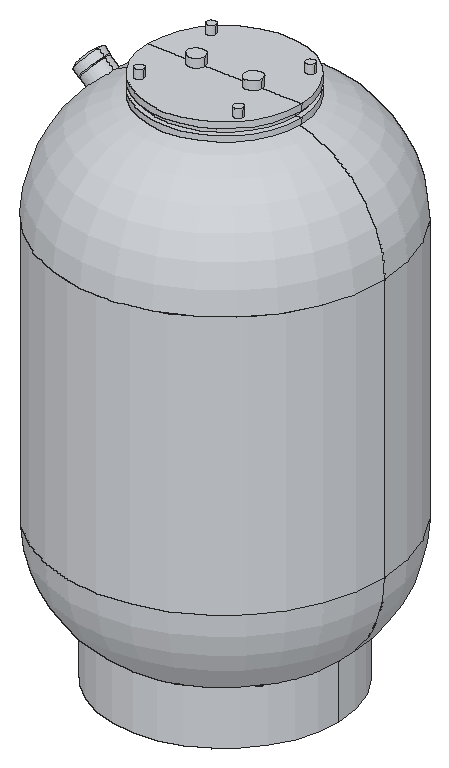
Revit family "TXA-50", category Mechanical Equipment, Revit 2014
Parameters (values of type "TXA-50")
  VoidLength = F * 0.25  # 2 1/2"
  URL = "http://westank.com/"
  TankVolume = "13 Gallons"
  PartNumber = "20010050"
  OuterRadius = F / 2  # 5"
  Model = "TXA-50"
  MaximumOperatingTemperature = "240°F"
  MaximumOperatingPressure = "150 PSIG"
  Manufacturer = "Wessels Company"
  InnerRadius = (F * 0.9844) / 2  # 4.922"
  HandleAngle = 41.00°
  F = 10"
  C = 3/4"
  B = 24"
  ApproximateShipmentWeight = "50 lbs"
  Angle = 41.00°
  A = 14"
Reference planes (in)
  plane 1 "Center (Front/Back)": y = 0
  plane 2: z = 0
  plane 3 "Center (Left/Right)": x = 0
  plane 4: x = -7
  plane 5: z = 22.85433
  plane 6: z = 23.64567
  plane 7: y = 1.9685
  plane 8: y = -1.9685
  plane 9: x = 2.1751
  plane 10: x = -2.1751
  plane 11: z = 24
  plane 12: x = 7
  plane 13: z = 16.99842
  plane 14: x = 0.875
  plane 15: x = 1.625
  plane 16: x = -5
  plane 17: x = 5
Forms (in)
  Revolve 1, solid
    sketch origin (0, 0, -5.125) x (1, 0, 0) y (0, 0, 1)
      loop
        line (0, 27.97933) -> (-2.92524, 27.97933)
        arc (-2.92524, 27.97933) -> (-5.84504, 26.31175) -> (-7, 23.15387) r 4.89461
        line (-7, 23.15387) -> (-7, 11.46384)
        arc (-7, 11.46384) -> (-5.84504, 8.30596) -> (-2.92524, 6.63838) r 4.89461
        line (-2.92524, 6.63838) -> (0, 6.63838) -> (0, 27.97933)
      axis (0, 27.97933) -> (0, 6.63838)
    angle from 0 to 360
  Extrusion 2, solid
    sketch origin (0, 0, 0) x (1, 0, 0) y (0, 1, 0)
      loop
        circle (0, 0) r 5
      loop
        circle (0, 0) r 4.922
    from 5.47343 to 0
  Revolve 3, solid
    sketch origin (0, 0, 0) x (1, 0, 0) y (0, 0, 1)
      loop
        line (0, 23.64567) -> (0, 22.85433) -> (3.36891, 22.85433) -> (3.36891, 23.10433) -> (3.11891, 23.10433) -> (3.11891, 23.38832) -> (3.36891, 23.38832) -> (3.36891, 23.64567) -> (0, 23.64567)
      axis (0, 23.64567) -> (0, 22.85433)
    angle from 0 to 360
  Extrusion 4, solid
    sketch origin (-60.41868, -180, 22.85433) x (-1, 0, 0) y (0, -1, 0)
      loop
        circle (-58.24358, -181.9685) r 0.19685
      loop
        circle (-58.24358, -178.0315) r 0.19685
      loop
        circle (-62.59379, -178.0315) r 0.19685
      loop
        circle (-62.59379, -181.9685) r 0.19685
    from 1.14567 to 0.79134
  Extrusion 5, solid
    sketch origin (-60.41868, -180, 22.85433) x (-1, 0, 0) y (0, -1, 0)
      loop
        circle (-59.16868, -180) r 0.375
      loop
        circle (-61.66868, -180) r 0.375
    from 1.14567 to 0.79134
  Revolve 6, solid
    sketch origin (0, 0, 16.99842) x (-0.75471, 0, 0.656059) y (-0.656059, 0, -0.75471)
      loop
        line (6.89266, 0) -> (6.89266, -0.64856) -> (7.53908, -0.64856) -> (7.56239, -0.67188) -> (7.90285, -0.67188)
        arc (7.90285, -0.67188) -> (8.01101, -0.34361) -> (7.97367, 0) r 0.81647
        line (7.97367, 0) -> (6.89266, 0)
      axis (6.89266, 0) -> (7.97367, 0)
    angle from 0 to 360
Cuts and joins
  joined: Revolve 1, Extrusion 2, Revolve 3, Revolve 6
Lines and regions (in)
  reference lines
    curve 1: line (0, 0, 16.99842) -> (-5.47164, 0, 21.75485)
Dimensions and locks (in)
  locked: plane 6 to plane 5 at 0.79134
  equal spacing: plane 10, plane 3 "Center (Left/Right)", plane 9
  equal spacing: plane 7, plane 1 "Center (Front/Back)", plane 8
  "B": plane 11 to level
  equal spacing: plane 12, plane 3 "Center (Left/Right)", plane 4
  "A": plane 12 to plane 4
  locked: Extrusion 5 sketch curve to plane 1 "Center (Front/Back)" at 0  (x2)
  locked: plane 11 to plane 6 at 0.35433
  "C": plane 14 to plane 15
  equal spacing: plane 17, plane 3 "Center (Left/Right)", plane 16
  "F": plane 17 to plane 16
  "OuterRadius": radius of Extrusion 2 sketch curve
  "InnerRadius": radius of Extrusion 2 sketch curve
  "C": diameter of Extrusion 5 sketch curve
  "Angle": angle curve 1 to plane 13
  aligned and locked: level to plane 2
  aligned and locked: Extrusion 2 to level
  aligned and locked: Revolve 3 sketch curve to plane 5
  aligned and locked: plane 6 to Revolve 3 sketch curve
  aligned and locked: Revolve 3 sketch curve to plane 3 "Center (Left/Right)"  (x2)
  aligned and locked: Revolve 1 sketch curve to plane 5
  aligned and locked: plane 6 to Extrusion 4
  aligned and locked: plane 11 to Extrusion 4
  aligned and locked: plane 4 to Revolve 1 sketch curve
  aligned and locked: Extrusion 5 to plane 6
  aligned and locked: plane 11 to Extrusion 5
  aligned and locked: plane 3 "Center (Left/Right)" to curve 1
  aligned and locked: plane 13 to curve 1
  aligned and locked: Revolve 6 sketch curve to curve 1
  aligned and locked: Revolve 6 sketch curve to Revolve 6 sketch curve
  aligned and locked: plane 14 to Extrusion 5
  aligned and locked: plane 15 to Extrusion 5
Automatic sketch dimensions
  Revolve 3 sketch curve to plane 5 = 0"
  plane 5 to Revolve 3 sketch curve = 1/4"
  Revolve 3 sketch curve to Revolve 3 sketch curve = 1/4"  (x2)
  Revolve 3 sketch curve to plane 6 = 0.25735"
  Revolve 3 sketch curve to Revolve 3 sketch curve = 1/2"
  Revolve 1 sketch curve to plane 3 "Center (Left/Right)" = 0"  (x2)
  Revolve 1 sketch curve to level = 2.26259"
  Revolve 1 sketch curve to plane 5 = 1.77165"
  Extrusion 4 sketch curve to plane 8 = 0"  (x2)
  Extrusion 4 sketch curve to plane 9 = 0"  (x2)
  Extrusion 4 sketch curve to plane 7 = 0"  (x2)
  Extrusion 4 sketch curve to plane 10 = 0"  (x2)
  Revolve 6 sketch curve to curve 1 = 0"  (x2)
  Revolve 6 sketch curve to Revolve 6 sketch curve = 0.30638"
  curve 1 to Revolve 6 sketch curve = 37/128"
  Revolve 6 sketch curve to Revolve 6 sketch curve = 0.02331"  (x2)
  curve 1 to Revolve 6 sketch curve = 0.25803"
  Revolve 6 sketch curve to Revolve 6 sketch curve = 0.39053"
  curve 1 to Revolve 6 sketch curve = 0.65285"
  curve 1 to Revolve 6 sketch curve = 0.72367"
  plane 9 to Revolve 3 sketch curve = 0.94381"
  Revolve 1 sketch curve to plane 10 = 0.75013"  (x2)
  plane 10 to Revolve 1 sketch curve = 0.06971"  (x2)
  Extrusion 2 sketch curve to Extrusion 2 sketch curve = 0"  (x2)
  plane 1 "Center (Front/Back)" to Extrusion 2 sketch curve = 0"
  Extrusion 2 sketch curve to plane 3 "Center (Left/Right)" = 0"
  Extrusion 5 sketch curve to plane 14 = 3/8"
  plane 10 to Extrusion 5 sketch curve = 0.9251"
  level to Revolve 1 sketch curve = 1.51338"
  radius of Extrusion 4 sketch curve = 0.19685"  (x4)
  radius of Extrusion 5 sketch curve = 3/8"
Connectors (in)
  piping at (1.25, 0, 24), diameter 0.75, driven by "C"
    settings: on Extrusion 5, index 3, connector inside diameter 24", connector length 0", flow factor 0, pipe flow 0 GPM, pressure drop 0.00 psi, fitting loss kfactor 0, connector angle 0.00°, fixture units 0, engagement length 0", angle of deflection 0.00°, flow configuration 0, flow direction 0, fitting loss method 0, system type 19, joint type 0, gender type 0, connector reference index -1, connector utility 0, adjustable connector no, is connector primary yes, connector description ""
